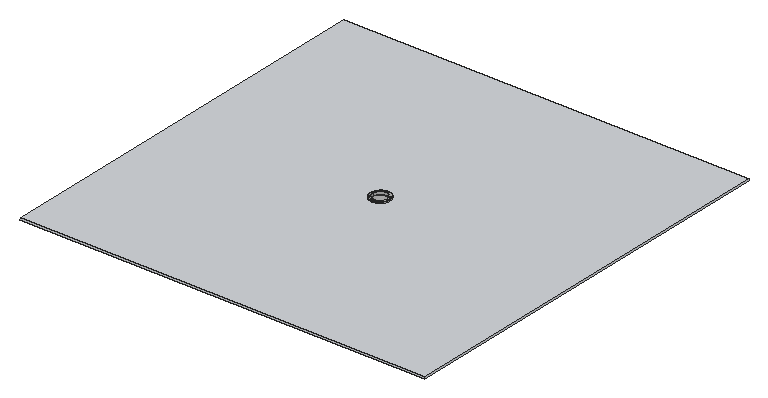
Revit family "LTR-3RW-Open", category Lighting Fixtures, host Face, Revit 2021
Family settings
  Host = Face
  Round Connector Dimension = Use Diameter
  Part Type = Normal
  OmniClass Number = 23.80.70.11.14.11
  OmniClass Title = Downlights
  Cut with Voids When Loaded = No
  Light Source = Yes
  Shared = Yes
  Room Calculation Point = No
Parameters (values of type "LTR-3RW-Open")
  Wattage Comments = "13.4, 17.8 & 22.2"  # constant formula
  Wattage = 22.2 W
  Warranty = "5Years limited warranty"
  built-in parameter 1150110 = 1 (stored number, unit not read)
  Voltage = 120 V
  URL = "https://www.currentlighting.com/prescolite"
  built-in parameter 1114217 = 1 (stored number, unit not read)
  Tilt Angle = -90.00°
  built-in parameter 1150109 = 1 (stored number, unit not read)
  built-in parameter 1150134 = 12
  built-in parameter 1150113 = 1 (stored number, unit not read)
  Product Page URL = ""
  Product Documentation Link = ""
  Power Factor = 1
  Photometric Web File = "LTR-3RD-H-ML20L-DM1 LTR-3RW-T-ML35K8WWS.ies"
  Photometric Notes = "More IES files download on Photometric Web Link"  # constant formula
  Model = "LTR-3RW-Open"  # constant formula
  Manufacturer = "Prescolite"  # constant formula
  built-in parameter 1150105 = 143.24 (stored number, unit not read)
  Lumens = 1799.98 lm
  built-in parameter 1150115 = 1 (stored number, unit not read)
  Load Classification = Lighting
  built-in parameter 1150137 = (empty or 0)
  built-in parameter 1150139 = (empty or 0)
  built-in parameter 1150112 = 1 (stored number, unit not read)
  built-in parameter 1150114 = 1 (stored number, unit not read)
  Lamp = "LED"  # constant formula
  built-in parameter 1150132 = (empty or 0)
  built-in parameter 1150102 = (empty or 0)
  built-in parameter 1150107 = 4000 (stored number, unit not read)
  built-in parameter 1150138 = (empty or 0)
  built-in parameter 1150106 = 1.4324 (stored number, unit not read)
  Glass = White Glass
  Features = "3inch architectural LED downlight delivering 600–2000 lm\r\n• Four beam distributions from 0.4 to 1.1 Spacing Criteria\r\n• Quiet reflector appearance with 50º optical cutoff\r\n• 2700K–5000K, 80+ and 90+ CRI options\r\n• Available for New Construction (non-IC), Remodel (non-IC), IC\r\nand Chicago Plenum applications\r\n• Variety of dimming protocol options including 0-10V, DALI, DMX,\r\nLutron Forward Phase and EcoSystem\r\n• NX Distributed Intelligence™ wired and wireless controls\r\ncapability available"  # constant formula
  Emit from Circle Diameter = 3.00"  # constant formula
  Emit Shape Visible in Rendering = no
  built-in parameter 1150104 = 7.5326 (stored number, unit not read)
  Dimming Lamp Color Temperature Shift = <None>
  Description = "3in LED Downlight"  # constant formula
  Default Elevation = 48.00"
  Contact us = ""
  Color Filter = 16777215
  built-in parameter 1114218 = 1 (stored number, unit not read)
  Hardware Finish = Steel
  built-in parameter 1150133 = 10 (stored number, unit not read)
  Assembly Code = "D5020200"
  Apparent Load = 0 VA
Reference planes (in)
  plane 1 "Center (Front/Back)": y = 0.03999
  plane 2: z = 0
  plane 3 "Center (Left/Right)": x = -8.24832
  plane 4: x = -13.24832
  plane 5: x = 1.12668
  plane 6: y = 5.91499
  plane 7: y = -5.83501
  plane 8: z = -0.125
  plane 9: z = -3
  plane 10: z = -3.125
  plane 11: z = 0.375
  plane 12: z = 0.4375
  plane 13: x = -10.87332
  plane 14: x = -10.24832
  plane 15: x = -10.17454
  plane 16: x = -6.42646
  plane 17: x = -2.9049
  plane 18: x = -0.9049
  plane 19: y = 2.57276
  plane 20: y = -2.49278
  plane 21: through (-11.23409, -180, 3.23335) normal (0.9773, 0, 0.2119)
  plane 22: through (-10.98801, -180, 3.28671) normal (0.9773, 0, 0.2119)
  plane 23: y = 1.91499
  plane 24: y = -1.83501
  plane 25: z = 0.5625
  plane 26: z = -4.8175
Forms (in)
  Extrusion 1, solid
    sketch origin (-7.24832, 0, -2.58562) x (1, 0, 0) y (0, 1, 0)
      loop
        line (-48, 48) -> (-48, -48) -> (48, -48) -> (48, 48) -> (-48, 48)
    from 2.96062 to 2.58562
  Extrusion 2, void
    sketch origin (0, 0, 0) x (1, 0, 0) y (0, 1, 0)
      loop
        circle (-8.24832, 0.03999) r 2.125
    from 0.4375 to -0.125
  Extrusion 3, solid, material "Steel" <- "Hardware Finish", detail levels medium+fine
    sketch origin (0, 0, 0) x (1, 0, 0) y (0, 1, 0)
      loop
        line (-13.24832, 5.91499) -> (-13.24832, -5.83501) -> (1.12668, -5.83501) -> (1.12668, 5.91499) -> (-13.24832, 5.91499)
    from 0 to -0.125
  Revolve 4, solid, material "Steel" <- "Hardware Finish", detail levels medium+fine
    sketch origin (0, 0.03999, 0) x (1, 0, 0) y (0, 0, 1)
      loop
        line (-10.24832, -0.125) -> (-10.50598, -0.125) -> (-10.07914, -2.09375) -> (-9.82149, -2.09375) -> (-10.24832, -0.125)
      axis (-8.24832, -0.125) -> (-8.24832, -2.09375)
    angle from 0 to 360
  Revolve 5, solid, material "Steel" <- "Hardware Finish"
    sketch origin (0, 0.03999, 0) x (1, 0, 0) y (0, 0, 1)
      loop
        line (-9.74832, -0.125) -> (-9.74832, 0.4375) -> (-10.62332, 0.4375) -> (-10.62332, 0.375) -> (-10.24832, 0.375) -> (-10.24832, -0.125) -> (-9.74832, -0.125)
      axis (-8.24832, 0.4375) -> (-8.24832, -0.125)
    angle from 0 to 360
  Revolve 6, void
    sketch origin (0, 0.03999, 0) x (1, 0, 0) y (0, 0, 1)
      loop
        line (-9.93582, 0.8125) -> (-9.93582, 0) -> (-10.03716, 0) -> (-10.03716, -0.125) -> (-9.93582, -0.125) -> (-9.93582, -0.72216) -> (-9.46139, -3) -> (-8.24832, -3) -> (-8.24832, 0.8125) -> (-9.93582, 0.8125)
      axis (-8.24832, 0.8125) -> (-8.24832, -3)
    angle from 0 to 360
  Extrusion 7, solid, material "Steel" <- "Hardware Finish", detail levels medium+fine
    sketch origin (0, 0, 0) x (1, 0, 0) y (0, 1, 0)
      loop
        line (-2.9049, 2.57276) -> (-2.9049, -2.49278) -> (-0.9049, -2.49278) -> (-0.9049, 2.57276) -> (-2.9049, 2.57276)
    from -3.125 to 0
  Revolve 8, solid, material "Steel" <- "Hardware Finish", detail levels medium+fine
    sketch origin (0, 0.03999, 0) x (1, 0, 0) y (0, 0, 1)
      loop
        line (-10.34966, 0) -> (-10.34966, -0.125) -> (-10.24832, -0.125) -> (-10.24832, 0) -> (-10.34966, 0)
      axis (-8.24832, 0) -> (-8.24832, -0.125)
    angle from 0 to 360
  Extrusion 9, solid, material "White Glass" <- "Glass"
    sketch origin (-16.83938, -180, -3.125) x (-1, 0, 0) y (0, -1, 0)
      loop
        circle (-8.59106, -180.03999) r 2
    from 3 to 3.125
  Extrusion 10, solid, material "Steel" <- "Hardware Finish"
    sketch origin (-16.83938, -180, -3.125) x (-1, 0, 0) y (0, -1, 0)
      loop
        arc (-8.70908, -181.77339) -> (-8.53597, -181.78005) -> (-8.36304, -181.76953) r 1.74754
        line (-8.36304, -181.76953) -> (-8.36304, -181.67723) -> (-8.49788, -181.67723) -> (-8.49788, -181.55918) -> (-8.59106, -181.55918) -> (-8.59106, -181.67723) -> (-8.70908, -181.67723) -> (-8.70908, -181.77339)
      loop
        arc (-9.17317, -181.68651) -> (-8.99815, -181.73827) -> (-8.81868, -181.77148) r 1.74639
        line (-8.81868, -181.77148) -> (-8.79431, -181.68053) -> (-8.9248, -181.64556) -> (-8.89425, -181.53153) -> (-8.98425, -181.50742) -> (-9.0148, -181.62145) -> (-9.14629, -181.58621) -> (-9.17317, -181.68651)
      loop
        arc (-9.67441, -181.40975) -> (-9.52553, -181.51533) -> (-9.36646, -181.6048) r 1.74639
        line (-9.36646, -181.6048) -> (-9.31398, -181.52662) -> (-9.42615, -181.45133) -> (-9.36036, -181.35331) -> (-9.43772, -181.30138) -> (-9.50351, -181.3994) -> (-9.61654, -181.32353) -> (-9.67441, -181.40975)
      loop
        arc (-9.99201, -181.08268) -> (-9.87554, -181.2232) -> (-9.74504, -181.35079) r 1.74639
        line (-9.74504, -181.35079) -> (-9.67411, -181.28885) -> (-9.76297, -181.1871) -> (-9.67405, -181.10945) -> (-9.73534, -181.03927) -> (-9.82426, -181.11692) -> (-9.9138, -181.01438) -> (-9.99201, -181.08268)
      loop
        arc (-10.24565, -180.59873) -> (-10.1783, -180.76836) -> (-10.09362, -180.93004) r 1.74639
        line (-10.09362, -180.93004) -> (-10.00702, -180.89305) -> (-10.06009, -180.76881) -> (-9.95153, -180.72244) -> (-9.98813, -180.63675) -> (-10.09669, -180.68313) -> (-10.15016, -180.55794) -> (-10.24565, -180.59873)
      loop
        arc (-10.33389, -180.15145) -> (-10.31274, -180.33273) -> (-10.27278, -180.51082) r 1.74639
        line (-10.27278, -180.51082) -> (-10.17956, -180.4975) -> (-10.19867, -180.36376) -> (-10.0818, -180.34707) -> (-10.09498, -180.25483) -> (-10.21184, -180.27153) -> (-10.23109, -180.13677) -> (-10.33389, -180.15145)
      loop
        line (-7.92357, -181.65379) -> (-7.95566, -181.55504) -> (-8.08512, -181.5971) -> (-8.1216, -181.48483) -> (-8.21021, -181.51362) -> (-8.17373, -181.62589) -> (-8.30222, -181.66764) -> (-8.27312, -181.7572)
        arc (-8.27312, -181.7572) -> (-8.09564, -181.71464) -> (-7.92357, -181.65379) r 1.74639
      loop
        line (-7.5077, -181.40975) -> (-7.56557, -181.32353) -> (-7.6786, -181.3994) -> (-7.74439, -181.30138) -> (-7.82176, -181.35331) -> (-7.75596, -181.45133) -> (-7.86813, -181.52662) -> (-7.81565, -181.6048)
        arc (-7.81565, -181.6048) -> (-7.65658, -181.51533) -> (-7.5077, -181.40975) r 1.74639
      loop
        line (-7.1901, -181.08268) -> (-7.26831, -181.01438) -> (-7.35785, -181.11692) -> (-7.44677, -181.03927) -> (-7.50806, -181.10945) -> (-7.41914, -181.1871) -> (-7.508, -181.28885) -> (-7.43707, -181.35079)
        arc (-7.43707, -181.35079) -> (-7.30657, -181.2232) -> (-7.1901, -181.08268) r 1.74639
      loop
        line (-6.93646, -180.59873) -> (-7.03195, -180.55794) -> (-7.08542, -180.68313) -> (-7.19398, -180.63675) -> (-7.23058, -180.72244) -> (-7.12202, -180.76881) -> (-7.17509, -180.89305) -> (-7.08849, -180.93004)
        arc (-7.08849, -180.93004) -> (-7.00381, -180.76836) -> (-6.93646, -180.59873) r 1.74639
      loop
        line (-6.84822, -180.15145) -> (-6.95102, -180.13677) -> (-6.97027, -180.27153) -> (-7.08713, -180.25483) -> (-7.10031, -180.34707) -> (-6.98344, -180.36376) -> (-7.00255, -180.4975) -> (-6.90933, -180.51082)
        arc (-6.90933, -180.51082) -> (-6.86937, -180.33273) -> (-6.84822, -180.15145) r 1.74639
      loop
        line (-8.70908, -178.30659) -> (-8.70908, -178.40275) -> (-8.59106, -178.40275) -> (-8.59106, -178.5208) -> (-8.49788, -178.5208) -> (-8.49788, -178.40275) -> (-8.36304, -178.40275) -> (-8.36304, -178.31045)
        arc (-8.36304, -178.31045) -> (-8.53597, -178.29993) -> (-8.70908, -178.30659) r 1.74754
      loop
        line (-9.17317, -178.39347) -> (-9.14629, -178.49377) -> (-9.0148, -178.45854) -> (-8.98425, -178.57257) -> (-8.89425, -178.54845) -> (-8.9248, -178.43442) -> (-8.79431, -178.39946) -> (-8.81868, -178.3085)
        arc (-8.81868, -178.3085) -> (-8.99815, -178.34171) -> (-9.17317, -178.39347) r 1.74639
      loop
        line (-9.67441, -178.67023) -> (-9.61654, -178.75645) -> (-9.50351, -178.68058) -> (-9.43772, -178.7786) -> (-9.36036, -178.72668) -> (-9.42615, -178.62866) -> (-9.31398, -178.55337) -> (-9.36646, -178.47518)
        arc (-9.36646, -178.47518) -> (-9.52553, -178.56465) -> (-9.67441, -178.67023) r 1.74639
      loop
        line (-9.99201, -178.9973) -> (-9.9138, -179.0656) -> (-9.82426, -178.96307) -> (-9.73534, -179.04072) -> (-9.67405, -178.97054) -> (-9.76297, -178.89288) -> (-9.67411, -178.79113) -> (-9.74504, -178.72919)
        arc (-9.74504, -178.72919) -> (-9.87554, -178.85678) -> (-9.99201, -178.9973) r 1.74639
      loop
        line (-10.24565, -179.48125) -> (-10.15016, -179.52204) -> (-10.09669, -179.39686) -> (-9.98813, -179.44323) -> (-9.95153, -179.35754) -> (-10.06009, -179.31117) -> (-10.00702, -179.18693) -> (-10.09362, -179.14994)
        arc (-10.09362, -179.14994) -> (-10.1783, -179.31162) -> (-10.24565, -179.48125) r 1.74639
      loop
        line (-10.33389, -179.92853) -> (-10.23109, -179.94321) -> (-10.21184, -179.80846) -> (-10.09498, -179.82515) -> (-10.0818, -179.73291) -> (-10.19867, -179.71622) -> (-10.17956, -179.58248) -> (-10.27278, -179.56916)
        arc (-10.27278, -179.56916) -> (-10.31274, -179.74725) -> (-10.33389, -179.92853) r 1.74639
      loop
        arc (-7.92357, -178.42619) -> (-8.09564, -178.36534) -> (-8.27312, -178.32278) r 1.74639
        line (-8.27312, -178.32278) -> (-8.30222, -178.41234) -> (-8.17373, -178.45409) -> (-8.21021, -178.56636) -> (-8.1216, -178.59516) -> (-8.08512, -178.48288) -> (-7.95566, -178.52495) -> (-7.92357, -178.42619)
      loop
        arc (-7.5077, -178.67023) -> (-7.65658, -178.56465) -> (-7.81565, -178.47518) r 1.74639
        line (-7.81565, -178.47518) -> (-7.86813, -178.55337) -> (-7.75596, -178.62866) -> (-7.82176, -178.72668) -> (-7.74439, -178.7786) -> (-7.6786, -178.68058) -> (-7.56557, -178.75645) -> (-7.5077, -178.67023)
      loop
        arc (-7.1901, -178.9973) -> (-7.30657, -178.85678) -> (-7.43707, -178.72919) r 1.74639
        line (-7.43707, -178.72919) -> (-7.508, -178.79113) -> (-7.41914, -178.89288) -> (-7.50806, -178.97054) -> (-7.44677, -179.04072) -> (-7.35785, -178.96307) -> (-7.26831, -179.0656) -> (-7.1901, -178.9973)
      loop
        arc (-6.93646, -179.48125) -> (-7.00381, -179.31162) -> (-7.08849, -179.14994) r 1.74639
        line (-7.08849, -179.14994) -> (-7.17509, -179.18693) -> (-7.12202, -179.31117) -> (-7.23058, -179.35754) -> (-7.19398, -179.44323) -> (-7.08542, -179.39686) -> (-7.03195, -179.52204) -> (-6.93646, -179.48125)
      loop
        arc (-6.84822, -179.92853) -> (-6.86937, -179.74725) -> (-6.90933, -179.56916) r 1.74639
        line (-6.90933, -179.56916) -> (-7.00255, -179.58248) -> (-6.98344, -179.71622) -> (-7.10031, -179.73291) -> (-7.08713, -179.82515) -> (-6.97027, -179.80846) -> (-6.95102, -179.94321) -> (-6.84822, -179.92853)
    from 1.04065 to -1.6925
  Extrusion 11, solid, material "Steel" <- "Hardware Finish"
    sketch origin (-16.83938, -180, -3.125) x (-1, 0, 0) y (0, -1, 0)
      loop
        circle (-8.59106, -180.03999) r 1.51919
    from 1.03125 to -1.6925
  Sweep 12, solid, material "Steel" <- "Hardware Finish"
    path in 3D
      loop
        line (-1.88573, 2.57276, -2.77177) -> (-1.88573, 3.09861, -2.77177)
        arc (-1.88573, 3.09861, -2.77177) -> (-2.1054, 3.62894, -2.77177) -> (-2.63573, 3.84861, -2.77177) r 0.75
        line (-2.63573, 3.84861, -2.77177) -> (-5.9803, 3.84861, -2.77177) -> (-6.699, 3.84861, -2.77177)
        arc (-6.699, 3.84861, -2.77177) -> (-7.31481, 3.59353, -2.77177) -> (-7.56988, 2.97772, -2.77177) r 0.87089
        line (-7.56988, 2.97772, -2.77177) -> (-7.56988, 1.66951, -2.77177)
    profile origin (-2.1054, 3.62894, -2.77177) x (-0.707107, -0.707107, 0) y (0, 0, 1)
      loop
        circle (0, 0) r 0.09795
  Extrusion 13, solid, material "Steel" <- "Hardware Finish"
    sketch origin (0, -0.03229, 0.39549) x (1, 0, 0) y (0, -0.173648, 0.984808)
      loop
        line (-7.91458, -0.08992) -> (-10.31939, -0.08992) -> (-12.11845, -1.30298)
        arc (-12.11845, -1.30298) -> (-12.04626, -1.48163) -> (-11.86847, -1.55587) r 0.25
        line (-11.86847, -1.55587) -> (-11.27597, -1.55587) -> (-10.37143, -1.01237) -> (-7.91458, -1.01237) -> (-7.91458, -0.08992)
    from 2.29089 to 2.41123
  Extrusion 14, solid, material "Steel" <- "Hardware Finish"
    sketch origin (-16.49665, 0.03999, 0) x (-1, 0, 0) y (0, 0, 1)
      loop
        line (-8.24832, -0.125) -> (-10.37143, -0.125) -> (-12.11845, -1.30298)
        arc (-12.11845, -1.30298) -> (-12.04626, -1.48163) -> (-11.86847, -1.55587) r 0.25
        line (-11.86847, -1.55587) -> (-11.27597, -1.55587) -> (-10.37143, -1.01237) -> (-8.24832, -1.01237) -> (-8.24832, -0.125)
    from 2.12755 to 2.27227
  Revolve 15, solid
    sketch origin (0, 0.03999, 0) x (1, 0, 0) y (0, 0, 1)
      loop
        line (-6.47424, -2.50876) -> (-6.47424, -2.64737) -> (-6.40227, -2.64737)
        arc (-6.40227, -2.64737) -> (-6.38587, -2.54295) -> (-6.38039, -2.43739) r 1.01849
        line (-6.38039, -2.43739) -> (-6.30746, -2.02381) -> (-6.47424, -2.02381) -> (-6.47424, -2.50876)
      axis (-8.24832, -2.64737) -> (-8.24832, -2.02381)
    angle from 0 to 360
  Revolve 16, solid
    sketch origin (0, 0.03999, 0) x (1, 0, 0) y (0, 0, 1)
      loop
        line (-6.30746, -2.02381) -> (-5.83404, -0.125) -> (-5.924, -0.125) -> (-6.36238, -2.02381) -> (-6.30746, -2.02381)
      axis (-8.24832, -2.02381) -> (-8.24832, -0.125)
    angle from -105 to -75
Cuts and joins
  Revolve 6 cuts Extrusion 3
  joined: Extrusion 3, Extrusion 7
  joined: Revolve 4, Revolve 8
  Revolve 6 cuts Revolve 5
Lines and regions (in)
  symbolic lines
    curve 1: line (-13.24832, 5.91499, -3.125) -> (1.12668, 5.91499, -3.125)
    curve 2: line (-13.24832, -5.83501, -3.125) -> (-13.24832, 5.91499, -3.125)
    curve 3: line (1.12668, -5.83501, -3.125) -> (-13.24832, -5.83501, -3.125)
    curve 4: line (1.12668, 5.91499, -3.125) -> (1.12668, -5.83501, -3.125)
    curve 5: circle (-8.24832, 0.03999, -3.125) r 2.625 normal (0, 0, 1)
    curve 6: circle (-8.24832, 0.03999, -3.125) r 2 normal (0, 0, 1)
  sketch lines
    curve 7: arc (-1.88573, 3.09861, -2.77177) -> (-2.1054, 3.62894, -2.77177) -> (-2.63573, 3.84861, -2.77177) r 0.75
    curve 8: line (-1.88573, 3.09861, -2.77177) -> (-1.88573, 2.57276, -2.77177)
    curve 9: line (-5.9803, 3.84861, -2.77177) -> (-2.63573, 3.84861, -2.77177)
    curve 10: line (-5.9803, 3.84861, -2.77177) -> (-6.699, 3.84861, -2.77177)
    curve 11: arc (-6.699, 3.84861, -2.77177) -> (-7.31481, 3.59353, -2.77177) -> (-7.56988, 2.97772, -2.77177) r 0.87089
    curve 12: line (-7.56988, 2.97772, -2.77177) -> (-7.56988, 1.66951, -2.77177)
Dimensions and locks (in)
  equal spacing: plane 7, plane 1 "Center (Front/Back)", plane 6, locked at 5.875 each
  locked: plane 6 to plane 7 at 11.75
  locked: plane 4 to plane 5 at 14.375
  locked: plane 4 to plane 3 "Center (Left/Right)" at 5
  locked: Extrusion 1 to plane 8 at 0.5
  locked: Revolve 4 sketch curve to Revolve 4 sketch curve at 2
  locked: plane 11 to plane 2 at 0.375
  locked: plane 12 to plane 11 at 0.0625
  locked: plane 3 "Center (Left/Right)" to plane 13 at 2.625
  locked: plane 3 "Center (Left/Right)" to plane 14 at 2
  locked: plane 2 to plane 8 at 0.125
  locked: plane 17 to plane 18 at 2
  equal spacing: plane 19, plane 1 "Center (Front/Back)", plane 20, locked at 2.53277 each
  locked: plane 9 to plane 10 at 0.125
  locked: plane 11 to plane 10 at 3.5
  equal spacing: plane 23, plane 1 "Center (Front/Back)", plane 24, locked at 1.875 each
  aligned and locked: Extrusion 3 sketch curve to plane 6
  aligned and locked: plane 4 to Extrusion 3 sketch curve
  aligned and locked: Extrusion 3 sketch curve to plane 7
  aligned and locked: Extrusion 3 sketch curve to plane 5
  aligned and locked: Extrusion 3 to plane 8
  aligned and locked: Revolve 4 sketch curve to plane 3 "Center (Left/Right)"
  aligned and locked: Revolve 5 sketch curve to plane 3 "Center (Left/Right)"
  aligned and locked: Revolve 6 sketch curve to plane 3 "Center (Left/Right)"
  aligned and locked: level to Extrusion 7
  aligned and locked: Revolve 5 sketch curve to plane 11
  aligned and locked: plane 8 to Revolve 5 sketch curve
  aligned and locked: Revolve 5 sketch curve to plane 12
  aligned and locked: Extrusion 7 to plane 10
  aligned and locked: plane 18 to cut or joined group of Extrusion 3, Revolve 6, Extrusion 7
  aligned and locked: plane 17 to cut or joined group of Extrusion 3, Revolve 6, Extrusion 7
  aligned and locked: plane 20 to cut or joined group of Extrusion 3, Revolve 6, Extrusion 7
  aligned and locked: plane 19 to cut or joined group of Extrusion 3, Revolve 6, Extrusion 7
  aligned and locked: plane 21 to Revolve 4 sketch curve
  aligned and locked: plane 22 to Revolve 4 sketch curve
  aligned and locked: Extrusion 9 to plane 8
  aligned and locked: plane 2 to Extrusion 9
  aligned and locked: Extrusion 1 to plane 2
  aligned and locked: curve 1 to cut or joined group of Extrusion 3, Revolve 6, Extrusion 7
  aligned and locked: curve 2 to cut or joined group of Extrusion 3, Revolve 6, Extrusion 7
  aligned and locked: curve 3 to cut or joined group of Extrusion 3, Revolve 6, Extrusion 7
  aligned and locked: curve 4 to cut or joined group of Extrusion 3, Revolve 6, Extrusion 7
  aligned and locked: Extrusion 2 to plane 8
  aligned and locked: imposter light to plane 25
Automatic sketch dimensions
  Extrusion 1 sketch curve to Extrusion 1 sketch curve = 96.00"  (x2)
  plane 1 "Center (Front/Back)" to Extrusion 2 sketch curve = 0.00"
  Extrusion 2 sketch curve to plane 3 "Center (Left/Right)" = 0.00"
  plane 15 to Revolve 4 sketch curve = 0.0954"
  Revolve 4 sketch curve to plane 26 = 0.31746"
  plane 25 to Revolve 4 sketch curve = 1.81246"
  plane 13 to Revolve 5 sketch curve = 0.25"
  Revolve 5 sketch curve to plane 14 = 0.00"
  plane 9 to Revolve 5 sketch curve = 0.59192"
  plane 25 to Revolve 5 sketch curve = 2.10402"
  Revolve 6 sketch curve to plane 8 = 0.00"
  Revolve 6 sketch curve to level = 0.00"
  Revolve 6 sketch curve to plane 9 = 0.00"
  Revolve 6 sketch curve to plane 3 "Center (Left/Right)" = 0.00"
  plane 15 to Revolve 6 sketch curve = 0.71314"
  plane 15 to Revolve 6 sketch curve = 0.23871"  (x2)
  Revolve 6 sketch curve to Revolve 6 sketch curve = 0.10133"
  Revolve 6 sketch curve to plane 8 = 0.59716"
  plane 25 to Revolve 6 sketch curve = 0.25"
  Revolve 6 sketch curve to Revolve 6 sketch curve = 0.60785"
  Revolve 6 sketch curve to Revolve 6 sketch curve = 1.41768"
  Extrusion 7 sketch curve to plane 17 = 0.00"
  Extrusion 7 sketch curve to plane 18 = 0.00"
  plane 20 to Extrusion 7 sketch curve = 0.00"
  Extrusion 7 sketch curve to plane 19 = 0.00"
  Revolve 8 sketch curve to plane 8 = 0.00"
  Revolve 8 sketch curve to level = 0.00"
  Revolve 8 sketch curve to plane 3 "Center (Left/Right)" = 0.00"
  Revolve 8 sketch curve to plane 15 = 0.07379"
  Revolve 8 sketch curve to Revolve 8 sketch curve = 0.10133"
  Revolve 8 sketch curve to plane 8 = 0.33144"
  level to Revolve 8 sketch curve = 0.12368"
  plane 1 "Center (Front/Back)" to Extrusion 9 sketch curve = 0.00"
  Extrusion 9 sketch curve to plane 3 "Center (Left/Right)" = 0.00"
  curve 5 to curve 6 = 0.00"  (x2)
  plane 1 "Center (Front/Back)" to curve 6 = 0.00"
  curve 6 to plane 3 "Center (Left/Right)" = 0.00"
  Extrusion 10 sketch curve to Extrusion 10 sketch curve = 0.00"  (x383)
  plane 1 "Center (Front/Back)" to Extrusion 10 sketch curve = 0.00"
  Extrusion 10 sketch curve to plane 3 "Center (Left/Right)" = 0.00"  (x3)
  Extrusion 10 sketch curve to Extrusion 10 sketch curve = 0.11803"  (x2)
  Extrusion 10 sketch curve to Extrusion 10 sketch curve = 0.08523"  (x2)
  Extrusion 10 sketch curve to plane 24 = 0.14351"
  Extrusion 10 sketch curve to Extrusion 10 sketch curve = 0.02437"  (x2)
  Extrusion 10 sketch curve to plane 23 = 0.14351"
  Extrusion 10 sketch curve to Extrusion 10 sketch curve = 0.09994"  (x2)
  Extrusion 10 sketch curve to Extrusion 10 sketch curve = 0.03055"  (x2)
  Extrusion 10 sketch curve to Extrusion 10 sketch curve = 0.09"  (x4)
  Extrusion 10 sketch curve to plane 24 = 0.29355"
  Extrusion 10 sketch curve to plane 23 = 0.29355"
  Extrusion 10 sketch curve to plane 24 = 0.32878"
  Extrusion 10 sketch curve to plane 23 = 0.32878"
  Extrusion 10 sketch curve to Extrusion 10 sketch curve = 0.16769"  (x2)
  Extrusion 10 sketch curve to Extrusion 10 sketch curve = 0.04638"  (x4)
  Extrusion 10 sketch curve to plane 24 = 0.31019"  (x2)
  Extrusion 10 sketch curve to Extrusion 10 sketch curve = 0.05248"  (x4)
  Extrusion 10 sketch curve to plane 23 = 0.31019"  (x2)
  Extrusion 10 sketch curve to plane 24 = 0.46367"  (x2)
  Extrusion 10 sketch curve to Extrusion 10 sketch curve = 0.06579"  (x4)
  Extrusion 10 sketch curve to plane 23 = 0.46367"  (x2)
  Extrusion 10 sketch curve to plane 23 = 0.61361"  (x2)
  Extrusion 10 sketch curve to plane 24 = 0.61361"  (x2)
  Extrusion 10 sketch curve to plane 23 = 0.51559"  (x2)
  Extrusion 10 sketch curve to plane 24 = 0.51559"  (x2)
  Extrusion 10 sketch curve to plane 24 = 0.59146"  (x2)
  Extrusion 10 sketch curve to plane 23 = 0.59146"  (x2)
  Extrusion 10 sketch curve to Extrusion 10 sketch curve = 0.05752"  (x4)
  Extrusion 10 sketch curve to Extrusion 10 sketch curve = 0.05757"  (x4)
  Extrusion 10 sketch curve to Extrusion 10 sketch curve = 0.06129"  (x8)
  Extrusion 10 sketch curve to Extrusion 10 sketch curve = 0.07063"  (x4)
  Extrusion 10 sketch curve to Extrusion 10 sketch curve = 0.08892"  (x4)
  Extrusion 10 sketch curve to Extrusion 10 sketch curve = 0.08954"  (x4)
  Extrusion 10 sketch curve to Extrusion 10 sketch curve = 0.03773"  (x4)
  Extrusion 10 sketch curve to Extrusion 10 sketch curve = 0.0366"  (x8)
  Extrusion 10 sketch curve to Extrusion 10 sketch curve = 0.07821"  (x4)
  Extrusion 10 sketch curve to Extrusion 10 sketch curve = 0.09322"  (x4)
  Extrusion 10 sketch curve to Extrusion 10 sketch curve = 0.10856"  (x4)
  Extrusion 10 sketch curve to Extrusion 10 sketch curve = 0.09367"  (x4)
  Extrusion 10 sketch curve to Extrusion 10 sketch curve = 0.0866"  (x4)
  plane 1 "Center (Front/Back)" to Extrusion 10 sketch curve = 0.21484"  (x2)
  Extrusion 10 sketch curve to Extrusion 10 sketch curve = 0.01318"  (x6)
  Extrusion 10 sketch curve to plane 1 "Center (Front/Back)" = 0.21484"  (x2)
  Extrusion 10 sketch curve to Extrusion 10 sketch curve = 0.05347"  (x4)
  Extrusion 10 sketch curve to Extrusion 10 sketch curve = 0.0294"  (x4)
  Extrusion 10 sketch curve to Extrusion 10 sketch curve = 0.11687"  (x2)
  Extrusion 10 sketch curve to plane 1 "Center (Front/Back)" = 0.09678"  (x2)
  Extrusion 10 sketch curve to Extrusion 10 sketch curve = 0.01925"  (x2)
  plane 1 "Center (Front/Back)" to Extrusion 10 sketch curve = 0.09678"  (x2)
  Extrusion 10 sketch curve to Extrusion 10 sketch curve = 0.09549"  (x4)
  Extrusion 10 sketch curve to Extrusion 10 sketch curve = 0.02713"  (x4)
  plane 1 "Center (Front/Back)" to Extrusion 10 sketch curve = 0.00737"
  Extrusion 10 sketch curve to plane 3 "Center (Left/Right)" = 0.03559"
  Extrusion 10 sketch curve to plane 1 "Center (Front/Back)" = 0.00737"
  Extrusion 10 sketch curve to plane 3 "Center (Left/Right)" = 0.09318"  (x2)
  Extrusion 10 sketch curve to Extrusion 10 sketch curve = 0.13484"  (x2)
  Extrusion 10 sketch curve to Extrusion 10 sketch curve = 0.06082"  (x2)
  Extrusion 10 sketch curve to plane 24 = 0.15779"
  Extrusion 10 sketch curve to Extrusion 10 sketch curve = 0.08992"  (x2)
  Extrusion 10 sketch curve to plane 23 = 0.15779"
  Extrusion 10 sketch curve to Extrusion 10 sketch curve = 0.092"  (x2)
  Extrusion 10 sketch curve to Extrusion 10 sketch curve = 0.03648"  (x2)
  Extrusion 10 sketch curve to Extrusion 10 sketch curve = 0.08861"  (x4)
  Extrusion 10 sketch curve to plane 24 = 0.31789"
  Extrusion 10 sketch curve to plane 23 = 0.31789"
  Extrusion 10 sketch curve to plane 23 = 0.35996"
  Extrusion 10 sketch curve to plane 24 = 0.35996"
  Extrusion 10 sketch curve to Extrusion 10 sketch curve = 0.08752"  (x2)
  Extrusion 10 sketch curve to plane 1 "Center (Front/Back)" = 0.30708"
  plane 1 "Center (Front/Back)" to Extrusion 10 sketch curve = 0.30708"
  Extrusion 10 sketch curve to plane 1 "Center (Front/Back)" = 0.32377"
  plane 1 "Center (Front/Back)" to Extrusion 10 sketch curve = 0.32377"
  Extrusion 10 sketch curve to plane 1 "Center (Front/Back)" = 0.23153"
  plane 1 "Center (Front/Back)" to Extrusion 10 sketch curve = 0.23153"
  Extrusion 10 sketch curve to Extrusion 10 sketch curve = 0.00191"
  Extrusion 10 sketch curve to Extrusion 10 sketch curve = 0.09616"
  Extrusion 10 sketch curve to Extrusion 10 sketch curve = 0.11805"  (x2)
  Extrusion 10 sketch curve to Extrusion 10 sketch curve = 0.05895"  (x2)
  Extrusion 10 sketch curve to Extrusion 10 sketch curve = 0.15265"  (x2)
  Extrusion 10 sketch curve to Extrusion 10 sketch curve = 0.06044"  (x2)
  Extrusion 10 sketch curve to Extrusion 10 sketch curve = 0.12134"  (x3)
  Extrusion 10 sketch curve to Extrusion 10 sketch curve = 0.01233"
  plane 1 "Center (Front/Back)" to Extrusion 11 sketch curve = 0.00"
  Extrusion 11 sketch curve to plane 3 "Center (Left/Right)" = 0.00"
  Sweep 12 sketch curve to profile plane = 0.00"
  profile plane to Sweep 12 sketch curve = 0.00"
  Extrusion 14 sketch curve to plane 8 = 0.00"
  Extrusion 14 sketch curve to plane 3 "Center (Left/Right)" = 0.00"
  plane 16 to Extrusion 14 sketch curve = 0.30123"  (x2)
  Extrusion 14 sketch curve to Extrusion 14 sketch curve = 0.90454"
  Extrusion 14 sketch curve to Extrusion 14 sketch curve = 0.5925"
  Extrusion 14 sketch curve to plane 8 = 1.43087"
  Extrusion 14 sketch curve to Extrusion 14 sketch curve = 0.25"
  Extrusion 14 sketch curve to plane 8 = 0.88737"
  Extrusion 14 sketch curve to plane 8 = 1.17798"
  plane 15 to Revolve 5 sketch curve = 0.42621"
  Revolve 15 sketch curve to plane 3 "Center (Left/Right)" = 0.00"
  plane 3 "Center (Left/Right)" to Revolve 15 sketch curve = 0.84944"
  Revolve 15 sketch curve to plane 16 = 0.04779"
  plane 16 to Revolve 15 sketch curve = 0.02419"
  plane 16 to Revolve 15 sketch curve = 0.04607"
  plane 16 to Revolve 15 sketch curve = 0.11899"
  plane 9 to Revolve 15 sketch curve = 0.35263"
  Revolve 15 sketch curve to Revolve 15 sketch curve = 0.07137"
  Revolve 15 sketch curve to Revolve 15 sketch curve = 0.41358"
  plane 26 to Revolve 15 sketch curve = 6.62"
  plane 25 to Revolve 15 sketch curve = 12.00"
  Revolve 16 sketch curve to plane 3 "Center (Left/Right)" = 0.00"
  Revolve 16 sketch curve to plane 8 = 0.00"
  plane 16 to Revolve 16 sketch curve = 0.50245"
  Revolve 16 sketch curve to Revolve 16 sketch curve = 0.08997"
  plane 16 to Revolve 16 sketch curve = 0.06408"
  Revolve 16 sketch curve to Revolve 16 sketch curve = 0.05492"
  plane 9 to Revolve 16 sketch curve = 0.97619"
  plane 26 to Revolve 16 sketch curve = 6.62"
  plane 25 to Revolve 16 sketch curve = 12.00"
  plane 3 "Center (Left/Right)" to Extrusion 13 sketch curve = 0.33375"
  Extrusion 13 sketch curve to plane 15 = 0.14486"
  Extrusion 13 sketch curve to plane 15 = 0.19689"
  Extrusion 13 sketch curve to Extrusion 13 sketch curve = 0.90454"
  Extrusion 13 sketch curve to Extrusion 13 sketch curve = 0.5925"
  Extrusion 13 sketch curve to Extrusion 13 sketch curve = 0.24998"
  Extrusion 13 sketch curve to Extrusion 13 sketch curve = 0.25"
  Extrusion 13 sketch curve to Extrusion 13 sketch curve = 0.5435"
  Extrusion 13 sketch curve to Extrusion 13 sketch curve = 0.92245"
  radius of Extrusion 2 sketch curve = 2.125"
  radius of Extrusion 9 sketch curve = 2.00"
  radius of curve 5 = 2.625"
  radius of curve 6 = 2.00"
  radius of Extrusion 11 sketch curve = 1.51919"
  radius of Sweep 12 sketch curve = 0.09795"
Connectors (in)
  electrical at (-8.3005, 0.03999, -3.125), driven by "Description", driven by "Load Classification", driven by "Voltage", driven by "Apparent Load", driven by "Power Factor"
    settings: on cut or joined group of Extrusion 3, Revolve 6, Extrusion 7, index 1, voltage 120 V, apparent load 0 VA, apparent load phase1 0 VA, apparent load phase2 0 VA, apparent load phase3 0 VA, power factor 1, load classification "Lighting", number of poles 1, system type 30, power factor state 1, is connector primary yes, connector utility no, sub classification motor no, connector description "3in LED Downlight"
